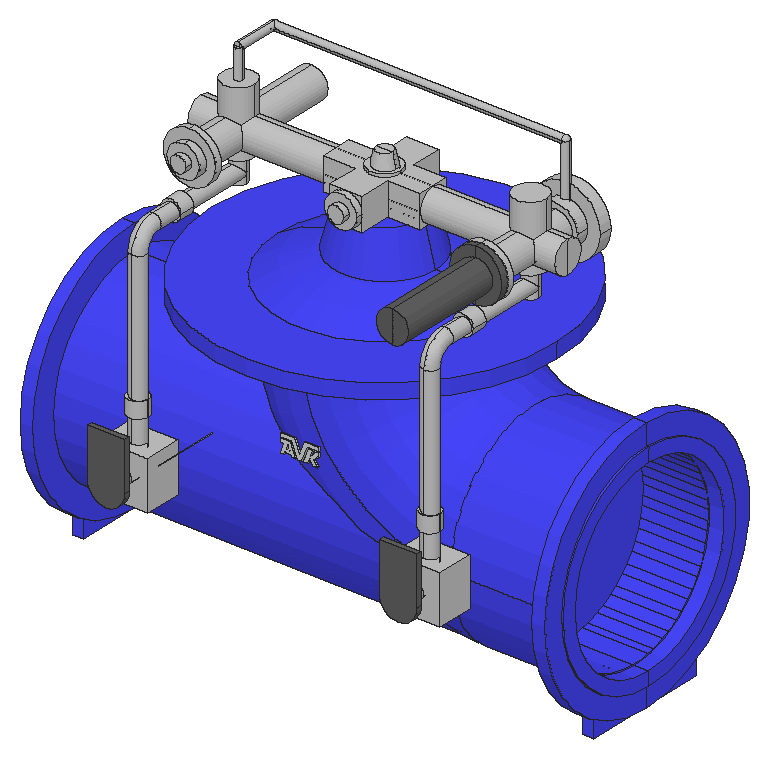
Revit family "859-001X-001 DN65-300", category Pipe Accessories, Revit 2022
Family settings
  Round Connector Dimension = Use Diameter
  Part Type = Valve - Breaks Into
  Work Plane-Based = No
  Always vertical = Yes
  Cut with Voids When Loaded = No
  Shared = No
Parameters (values of type "DN300_PN16_Pilot range ( 5 - 11)")
  sweep_box2 = Bolt_Dia / 2  # 16.25 mm
  sweep_box1 = Centre_D * 0.65  # 39 mm
  sweep_H1 = Bonnet_dim1_H * 1.4  # 65.765 mm
  sweep_H = (H3 - D) * 0.65  # 339.95 mm
  sweep_D = size_lookup(Search_table, "sweep_D", 0 mm, DN)  # 25 mm
  sweep_2 = sweep1 / 2  # 6.25 mm
  sweep1 = sweep_D * 0.5  # 12.5 mm
  sweep/2 = sweep1 / 2  # 6.25 mm
  sweep = sweep_D * 1.2  # 30 mm
  nut_dim = Bonnet_D1 * 0.5  # 123 mm
  Wd2 = size_lookup(Search_table, "Wd2", 0 mm, DN)  # 277 mm
  Wd1 = size_lookup(Search_table, "Wd1", 0 mm, DN)  # 265.92 mm
  Sweep_R = sweep1 * 1.5  # 18.75 mm
  L3 = Bonnet_R * 1.1  # 284.13 mm
  dim1 = W1 * 0.4  # 110.8 mm
  centre = Bore1 * 1.3  # 234.546 mm
  W22 = W2 * 0.8  # 221.6 mm
  W2 = size_lookup(Search_table, "W2", 0 mm, DN)  # 277 mm
  W11 = (W1 - sweep_D) * 0.8  # 201.6 mm
  W1 = size_lookup(Search_table, "W1", 0 mm, DN)  # 277 mm
  W = W1 - (sweep_D / 2)  # 264.5 mm
  URL_product_pages = "https://www.avkvalves.com/P.aspx?no=8590065001140010"
  Thickness1 = Thickness * 1.2  # 17.64 mm
  Thickness = FL_T * 0.6  # 14.7 mm
  Raised_dis = size_lookup(Search_table, "Raised_dis", 0 mm, DN)  # 4 mm
  Raised_R = (D - Bore) * 0.4  # 21.86 mm
  Nut_T = FL_T * 0.8  # 19.6 mm
  Nut_Dim2 = Control_dim1 * 0.4  # 10.332 mm
  Nut_Dim1 = Bolt_Dia * 1.3  # 42.25 mm
  L = size_lookup(Search_table, "L", 0 mm, DN)  # 850 mm
  H4 = H33 * 2  # 89.433 mm
  H33 = (H3 - (D + Bonnet_dim1_H1)) * 0.3  # 44.716 mm
  H3 = size_lookup(Search_table, "H3", 0 mm, DN)  # 728 mm
  FL_T = size_lookup(Search_table, "FL_T", 0 mm, DN)  # 24.5 mm
  DN80_PN10/16_Pilot range ( 5 - 11) = "859-0080-00-1140011"
  DN80_PN10/16_Pilot range ( 10 - 16) = "859-0080-00-1140012"
  DN80_PN10/16_Pilot range ( 1,5 - 6) = "859-0080-00-1140010"
  DN80_PN10/16_Pilot range ( 0,3 - 1,5) = "859-0080-00-1140018"
  DN65_PN10/16_Pilot range ( 10 - 16) = "859-0065-00-1140012"
  DN65_PN10/16_Pilot range ( 1,5 - 6) = "859-0065-00-1140010"
  DN65_PN10/16_Pilot range ( 0,3 - 1,5) = "859-0065-00-1140018"
  DN300_PN16_Pilot range ( 5 - 11) = "859-0300-00-1140011"
  DN300_PN16_Pilot range ( 10 - 16) = "859-0300-00-1140012"
  DN300_PN16_Pilot range ( 1,5 - 6) = "859-0300-00-1140010"
  DN300_PN16_Pilot range ( 0,3 - 1,5) = "859-0300-00-1140018"
  DN300_PN10_Pilot range ( 5 - 10) = "859-0300-00-0140011"
  DN300_PN10_Pilot range ( 1,5 - 6) = "859-0300-00-0140010"
  DN300_PN10_Pilot range ( 0,3 - 1,5) = "859-0300-00-0140018"
  DN250_PN16_Pilot range ( 5 - 11) = "859-0250-00-1140011"
  DN250_PN16_Pilot range ( 10 - 16) = "859-0250-00-1140012"
  DN250_PN16_Pilot range ( 1,5 - 6) = "859-0250-00-1140010"
  DN250_PN16_Pilot range ( 0,3 - 1,5) = "859-0250-00-1140018"
  DN250_PN10_Pilot range ( 5 - 10) = "859-0250-00-0140011"
  DN250_PN10_Pilot range ( 1,5 - 6) = "859-0250-00-0140010"
  DN250_PN10_Pilot range ( 0,3 - 1,5) = "859-0250-00-0140018"
  DN200_PN16_Pilot range ( 5 - 11) = "859-0200-00-1140011"
  DN200_PN16_Pilot range ( 10 - 16) = "859-0200-00-1140012"
  DN200_PN16_Pilot range ( 1,5 - 6) = "859-0200-00-1140010"
  DN200_PN16_Pilot range ( 0,3 - 1,5) = "859-0200-00-1140018"
  DN200_PN10_Pilot range ( 5 - 10) = "859-0200-00-0140011"
  DN200_PN10_Pilot range ( 1,5 - 6) = "859-0200-00-0140010"
  DN200_PN10_Pilot range ( 0,3 - 1,5) = "859-0200-00-0140018"
  DN150_PN10/16_Pilot range ( 5 - 11) = "859-0150-00-1140011"
  DN150_PN10/16_Pilot range ( 10 - 16) = "859-0150-00-1140012"
  DN150_PN10/16_Pilot range ( 1,5 - 6) = "859-0150-00-1140010"
  DN150_PN10/16_Pilot range ( 0,3 - 1,5) = "859-0150-00-1140018"
  DN125_PN10/16_Pilot range ( 5 - 11) = "859-0125-00-1140011"
  DN125_PN10/16_Pilot range ( 10 - 16) = "859-0125-00-1140012"
  DN125_PN10/16_Pilot range ( 1,5 - 6) = "859-0125-00-1140010"
  DN125_PN10/16_Pilot range ( 0,3 - 1,5) = "859-0125-00-1140018"
  DN100_PN10/16_Pilot range ( 5 - 11) = "859-0100-00-1140011"
  DN100_PN10/16_Pilot range ( 10 - 16) = "859-0100-00-1140012"
  DN100_PN10/16_Pilot range ( 1,5 - 6) = "859-0100-00-1140010"
  DN100_PN10/16_Pilot range ( 0,3 - 1,5) = "859-0100-00-1140018"
  D = size_lookup(Search_table, "D", 0 mm, DN) / 2  # 205 mm
  Search_table = "859-001X-001 DN65-300"
  Description_ = "AVK CONTROL VALVE, PRESSURE SUSTAINING/RELIEF, PN10/16"
  Default Elevation = 0 mm
  DN65_PN10/16_Pilot range ( 5 - 11) = "859-0065-00-1140011"
  DN = 300.7 mm
  Control_dim7 = Control_dim6 * 1.35  # 56.49 mm
  Control_dim6 = Control_dim5 * 1.2  # 41.845 mm
  Control_dim5 = Control_dim1 * 1.35  # 34.871 mm
  Control_dim4 = Bonnet_D1 * 0.9  # 221.4 mm
  Control_dim3 = Control_dim1 * 0.5  # 12.915 mm
  Control_dim2 = Bonnet_dim3 * 1.2  # 77.49 mm
  Control_dim1 = Bonnet_dim3 * 0.4  # 25.83 mm
  Conrol_dim. = Bonnet_dim1 * 0.85  # 146.37 mm
  Centre_nut = Centre_D * 0.75  # 45 mm
  Centre_D1 = Centre_D * 0.8  # 48 mm
  Centre_D = size_lookup(Search_table, "Centre_D", 0 mm, DN)  # 60 mm
  Bore2 = Bore * 1.6  # 240.56 mm
  Bore1 = Bore * 1.2  # 180.42 mm
  Bore = DN / 2  # 150.35 mm
  Bonnet_dim3 = Bonnet_dim2 * 0.75  # 64.575 mm
  Bonnet_dim2 = Bonnet_dim1 / 2  # 86.1 mm
  Bonnet_dim1_H1 = sweep_H * 1.1  # 373.945 mm
  Bonnet_dim1_H = (sweep_H - Body_H) / 2  # 46.975 mm
  Bonnet_dim1 = Bonnet_D1 * 0.7  # 172.2 mm
  Bonnet_dia = size_lookup(Search_table, "Bonnet_dia", 0 mm, DN) / 2  # 277 mm
  Bonnet_R = Bonnet_dim1 * 1.5  # 258.3 mm
  Bonnet_D1 = D * 1.2  # 246 mm
  Bonnet_D = D * 0.6  # 123 mm
  Bolt_Dia = sweep_D * 1.3  # 32.5 mm
  Body_Rib_L = D * 0.5  # 102.5 mm
  Body_H = D * 1.2  # 246 mm
  Actuator_d = Control_dim7 * 1.2  # 67.788 mm
  Actuator_L1 = Actuator_L * 0.9  # 112.185 mm
  Actuator_L = W2 * 0.45  # 124.65 mm
  Actuator = 0 mm  # constant formula
  8 = 8 mm  # constant formula
  53 = 40 mm / 2  # 20 mm
  50 = 50 mm  # constant formula
  48 = 30 mm / 2  # 15 mm
  3 = 3 mm  # constant formula
  18 = 11 mm  # constant formula
  131 = 131 mm  # constant formula
  10 = 10 mm  # constant formula
  0 = 0 mm  # constant formula
Reference planes
  plane 1 "Center (Front/Back)": y = 0
  plane 2: z = 0
  plane 3 "Center (Left/Right)": x = 0
  plane 4: x = -425
  plane 5: x = 425
  plane 6: z = 150.35
  plane 7: z = -150.35
  plane 8: z = 246
  plane 9: z = 523
  plane 10: z = -205
  plane 11: y = -265.92
  plane 12: y = -204.92
  plane 13: y = -180.42
  plane 14: y = -214.92
  plane 15: z = 292.975
  plane 16: z = 373.945
  plane 17: z = -153.35
  plane 18: x = 421
  plane 19: x = -421
  plane 20: x = -294.546
  plane 21: x = -234.546
  plane 22: x = 234.546
  plane 23: y = -231.6
  plane 24: y = -201.6
  plane 25: y = -172.2
  plane 26: z = 39
  plane 27: z = 478.284
  plane 28: z = 399.775
  plane 29: y = -77.49
  plane 30: y = -34.713
  plane 31: y = -87.822
  plane 32: z = 425.605
  plane 33: x = -150.35
  plane 34: z = 339.95
  plane 35: z = 356.2
  plane 36: z = 451.435
  plane 37: z = 78
  plane 38: y = -110.8
  plane 39: y = 221.6
  plane 40: y = -25.83
  plane 41: y = 50.33
  plane 42: y = 25.83
  plane 43: y = 69.93
  plane 44: y = 89.53
  plane 45: x = 284.13
  plane 46: x = 319
  plane 47: x = 294.546
  plane 48: z = 516.75
  plane 49: through (0, 0, 1200) normal (-0.766, -0.6428, 0)
  plane 50: y = 94.8
  plane 51: z = 433.567
  plane 52: x = 342.546
  plane 53: y = 146.37
  plane 54: y = -277
  plane 55: y = 277
Forms (mm)
  Revolve 1, solid, material "Laminate, Blue, Matte"
    sketch origin (0, 0, 0) x (1, 0, 0) y (0, 0, 1)
      loop
        line (-425, 150.35) -> (425, 150.35) -> (425, 172.21) -> (421, 172.21) -> (421, 205) -> (400.5, 205) -> (400.5, 165.05) -> (-400.5, 165.05) -> (-400.5, 205) -> (-421, 205) -> (-421, 172.21) -> (-425, 172.21) -> (-425, 150.35)
      axis (-425, 0) -> (425, 0)
    angle from 0 to 360
  Extrusion 2, solid, material "Laminate, Blue, Matte"
    sketch origin (-387.236, -1524, 246) x (-1, 0, 0) y (0, -1, 0)
      loop
        circle (-387.236, -1524) r 277
    from 0 to 24.5
  Extrusion 3, solid, material "Laminate, Blue, Matte"
    sketch origin (0, 0, 0) x (0, 1, 0) y (0, 0, 1)
      loop
        circle (0, 0) r 150.35
    from -294.546 to 294.546
  Extrusion 4, solid, material "Default Wall"
    sketch origin (0, -204.92, 1382.259) x (0, 0, 1) y (-1, 0, 0)
      loop
        circle (-1382.259, 234.546) r 30
      loop
        circle (-1382.259, -234.546) r 30
    from 0 to -204.92
  Extrusion 5, solid, material "Default Wall"
    sketch origin (0, -204.92, 1382.259) x (0, 0, 1) y (-1, 0, 0)
      loop
        circle (-1382.259, 234.546) r 16.25
      loop
        circle (-1382.259, -234.546) r 16.25
    from 0 to -3.32
  Sweep 6, solid, material "Default Wall"
    path origin (0, 0, 0) x (0, 1, 0) y (0, 0, 1)
      loop
        line (0, 0) -> (-171.6, 0)
        arc (-171.6, 0) -> (-192.813, 8.787) -> (-201.6, 30) r 30
        line (-201.6, 30) -> (-201.6, 309.95)
        arc (-201.6, 309.95) -> (-192.813, 331.163) -> (-171.6, 339.95) r 30
        line (-171.6, 339.95) -> (0, 339.95)
    profile origin (0, 0, 0) x (0, 0, -1) y (1, 0, 0)
      loop
        circle (0, -234.546) r 12.5
      loop
        circle (0, 234.546) r 12.5
  Revolve 7, solid, material "Laminate, Blue, Matte"
    sketch origin (0, 0, 0) x (1, 0, 0) y (0, 0, 1)
      loop
        line (0, 270.5) -> (172.2, 270.5)
        arc (172.2, 270.5) -> (89.747, 306.35) -> (0, 311.765) r 258.3
        line (0, 311.765) -> (0, 270.5)
      axis (0, 311.765) -> (0, 270.5)
    angle from 0 to 360
  Revolve 8, solid, material "Laminate, Blue, Matte"
    sketch origin (0, 0, 0) x (1, 0, 0) y (0, 0, 1)
      loop
        line (0, 292.975) -> (86.1, 292.975) -> (64.575, 373.945) -> (0, 373.945) -> (0, 292.975)
      axis (0, 292.975) -> (0, 373.945)
    angle from 0 to 360
  Extrusion 9, solid, material "Laminate, Blue, Matte"
    sketch origin (0, 0, 0) x (0, 1, 0) y (0, 0, 1)
      loop
        line (102.5, -153.35) -> (-102.5, -153.35) -> (-102.5, -205) -> (102.5, -205) -> (102.5, -153.35)
    from 400.5 to 418
  Extrusion 10, solid, material "Laminate, Blue, Matte"
    sketch origin (0, 0, 0) x (0, 1, 0) y (0, 0, 1)
      loop
        line (102.5, -153.35) -> (-102.5, -153.35) -> (-102.5, -205) -> (102.5, -205) -> (102.5, -153.35)
    from -400.5 to -418
  Extrusion 11, solid, material "Default Wall"
    sketch origin (0, 0, 0) x (1, 0, 0) y (0, 0, 1)
      loop
        line (-273.546, 39) -> (-273.546, -39) -> (-195.546, -39) -> (-195.546, 39) -> (-273.546, 39)
      loop
        line (195.546, 39) -> (195.546, -39) -> (273.546, -39) -> (273.546, 39) -> (195.546, 39)
    from 171.6 to 231.6
  Extrusion 12, solid, material "Default Wall"
    sketch origin (0, 0, 0) x (1, 0, 0) y (0, 0, 1)
      loop
        circle (-234.546, 0) r 12.5
      loop
        circle (234.546, 0) r 12.5
    from 0 to 257.92
  Extrusion 13, solid, material "Default Roof"
    sketch origin (0, 0, 0) x (1, 0, 0) y (0, 0, 1)
      loop
        arc (-264.546, 0) -> (-255.759, -21.213) -> (-234.546, -30) r 30
        arc (-234.546, -30) -> (-213.333, -21.213) -> (-204.546, 0) r 30
        line (-204.546, 0) -> (-204.546, 78) -> (-264.546, 78) -> (-264.546, 0)
      loop
        arc (204.546, 0) -> (213.333, -21.213) -> (234.546, -30) r 30
        arc (234.546, -30) -> (255.759, -21.213) -> (264.546, 0) r 30
        line (264.546, 0) -> (264.546, 78) -> (204.546, 78) -> (204.546, 0)
    from 265.92 to 257.92
  Extrusion 14, solid, material "Default Wall"
    sketch origin (-741.585, -1524, 373.945) x (-1, 0, 0) y (0, -1, 0)
      loop
        line (-767.415, -1549.83) -> (-767.415, -1601.49) -> (-715.755, -1601.49) -> (-715.755, -1549.83) -> (-664.095, -1549.83) -> (-664.095, -1498.17) -> (-715.755, -1498.17) -> (-715.755, -1446.51) -> (-767.415, -1446.51) -> (-767.415, -1498.17) -> (-819.075, -1498.17) -> (-819.075, -1549.83) -> (-767.415, -1549.83)
    from 0 to 51.66
  Revolve 15, solid, material "Default Wall"
    sketch origin (0, 0, 0) x (1, 0, 0) y (0, 0, 1)
      loop
        line (0, 399.775) -> (25.83, 399.775) -> (12.915, 451.435) -> (0, 451.435) -> (0, 399.775)
      axis (0, 451.435) -> (0, 399.775)
    angle from 0 to 360
  Extrusion 16, solid, material "Default Wall"
    sketch origin (0, 0, 0) x (1, 0, 0) y (0, 0, 1)
      loop
        circle (0, 399.775) r 25.83
    from 77.49 to 87.822
  Extrusion 17, solid, material "Default Wall"
    sketch origin (0, 0, 0) x (1, 0, 0) y (0, 0, 1)
      loop
        circle (0, 399.775) r 12.915
    from 87.822 to 98.154
  Extrusion 18, solid, material "Default Wall"
    sketch origin (-741.585, -1524, 373.945) x (-1, 0, 0) y (0, -1, 0)
      loop
        circle (-741.585, -1524) r 25.83
    from 51.66 to 55.66
  Sweep 19, solid, material "Laminate, Blue, Matte"
    path origin (0, 0, 0) x (1, 0, 0) y (0, 0, 1)
      loop
        line (0, 246) -> (0, 240.56)
        arc (0, 240.56) -> (70.458, 70.458) -> (240.56, 0) r 240.56
        line (240.56, 0) -> (400.5, 0)
    profile origin (0, 0, 246) x (0, -1, 0) y (1, 0, 0)
      loop
        circle (0, 0) r 150.35
      loop
        circle (0, 0) r 167.99
  Extrusion 20, solid, material "Default Wall"
    sketch origin (-741.585, -1524, 373.945) x (-1, 0, 0) y (0, -1, 0)
      loop
        circle (-507.039, -1524) r 25.83
      loop
        circle (-976.131, -1524) r 25.83
    from -7.745 to 97.09
  Extrusion 21, solid, material "Default Wall"
    sketch origin (-741.585, -1524, 373.945) x (-1, 0, 0) y (0, -1, 0)
      loop
        circle (-507.039, -1524) r 12.5
      loop
        circle (-976.131, -1524) r 12.5
    from 25.83 to -50.245
  Extrusion 22, solid, material "Default Wall"
    sketch origin (0, 0, 0) x (1, 0, 0) y (0, 0, 1)
      loop
        circle (-234.546, 339.95) r 16.25
      loop
        circle (234.546, 339.95) r 16.25
    from 110.8 to 135.3
  Extrusion 23, solid, material "Default Wall"
    sketch origin (-741.585, -1524, 373.945) x (-1, 0, 0) y (0, -1, 0)
      loop
        circle (-507.039, -1322.4) r 16.25
      loop
        circle (-976.131, -1322.4) r 16.25
    from -295.945 to -271.445
  Extrusion 24, solid, material "Default Wall"
    sketch origin (0, 0, 0) x (1, 0, 0) y (0, 0, 1)
      loop
        circle (-234.546, 399.775) r 12.5
      loop
        circle (234.546, 399.775) r 12.5
    from 110.8 to 121.132
  Extrusion 25, solid, material "Default Wall"
    sketch origin (0, 0, 13.394) x (1, 0, 0) y (0, 0, 1)
      loop
        circle (234.546, 386.381) r 34.871
    from -69.93 to -50.33
  Extrusion 26, solid, material "Default Wall"
    sketch origin (0, 0, 0) x (1, 0, 0) y (0, 0, 1)
      loop
        circle (234.546, 399.775) r 56.49
    from -89.53 to -69.93
  Revolve 27, solid, material "Default Wall"
    sketch origin (0, 0, 0) x (1, 0, 0) y (0, 0, 1)
      loop
        line (-294.546, 425.605) -> (-294.546, 399.775) -> (294.546, 399.775) -> (294.546, 425.605) -> (-294.546, 425.605)
      axis (-294.546, 399.775) -> (294.546, 399.775)
    angle from 0 to 360
  Extrusion 28, solid, material "Default Wall"
    sketch origin (-435.053, -1318.355, 516.75) x (-1, 0, 0) y (0, -1, 0)
      loop
        circle (-669.599, -1388.285) r 6.25
    from -116.975 to 0
  Extrusion 29, solid, material "Default Wall"
    sketch origin (4267.2, 69.93, 742.449) x (0, 0, 1) y (1, 0, 0)
      loop
        circle (-342.674, -4501.746) r 25.83
    from -69.93 to 76.44
  Extrusion 30, solid, material "Default Wall"
    sketch origin (4267.2, 69.93, 742.449) x (0, 0, 1) y (1, 0, 0)
      loop
        circle (-342.674, -4501.746) r 25.83
    from -157.752 to -69.93
  Extrusion 31, solid, material "Default Wall"
    sketch origin (4267.2, 69.93, 742.449) x (0, 0, 1) y (1, 0, 0)
      loop
        circle (-342.674, -4501.746) r 41.845
      loop
        circle (-342.674, -4032.654) r 41.845
    from -168.084 to -157.752
  Extrusion 32, solid, material "Default Wall"
    sketch origin (4267.2, 69.93, 742.449) x (0, 0, 1) y (1, 0, 0)
      loop
        circle (-342.674, -4501.746) r 25.83
    from -180.73 to -157.752
  Extrusion 33, solid, material "Default Wall"
    sketch origin (4267.2, 69.93, 742.449) x (0, 0, 1) y (1, 0, 0)
      loop
        circle (-342.674, -4032.654) r 25.83
    from -157.752 to -69.93
  Extrusion 34, solid, material "Default Wall"
    sketch origin (4267.2, 69.93, 742.449) x (0, 0, 1) y (1, 0, 0)
      loop
        circle (-342.674, -4032.654) r 25.83
    from -69.93 to -19.6
  Revolve 35, solid, material "Default Roof"
    sketch origin (234.546, -1524, 720.321) x (0, 0, 1) y (0, -1, 0)
      loop
        line (-294.716, -1247) -> (-320.546, -1247) -> (-320.546, -1425.846) -> (-278.701, -1425.846) -> (-278.701, -1414.846) -> (-294.716, -1414.846) -> (-294.716, -1247)
      axis (-320.546, -1247) -> (-320.546, -1425.846)
    angle from 0 to 360
  Revolve 36, solid, material "Default Wall"
    sketch origin (-470.377, -1524, 516.75) x (-1, 0, 0) y (0, -1, 0)
      loop
        line (-235.831, -1593.93) -> (-235.831, -1587.68) -> (-704.109, -1587.68)
        arc (-704.109, -1587.68) -> (-708.825, -1589.467) -> (-711.173, -1593.93) r 7.117
        line (-711.173, -1593.93) -> (-235.831, -1593.93)
      axis (-235.831, -1593.93) -> (-711.173, -1593.93)
    angle from 0 to 360
  Extrusion 37, solid, material "Default Wall"
    sketch origin (-470.377, -1524, 516.75) x (-1, 0, 0) y (0, -1, 0)
      loop
        circle (-235.831, -1524) r 6.25
    from -116.975 to 0
  Revolve 38, solid, material "Default Wall"
    sketch origin (-234.546, -1524, 720.321) x (0, 0, 1) y (0, -1, 0)
      loop
        line (-197.321, -1524) -> (-203.571, -1524) -> (-203.571, -1593.93) -> (-197.321, -1593.93) -> (-197.321, -1524)
      axis (-203.571, -1524) -> (-203.571, -1593.93)
    angle from 0 to 360
Dimensions and locks
  equal spacing: plane 5, plane 3 "Center (Left/Right)", plane 4
  "L": plane 5 to plane 4
  equal spacing: plane 6, level, plane 7
  "Bore": plane 6 to level
  equal spacing: Revolve 1 sketch curve, plane 3 "Center (Left/Right)", Revolve 1 sketch curve  (x2)
  "FL_T": Revolve 1 sketch curve to plane 4
  "Raised_dis": Revolve 1 sketch curve to plane 4
  "Thickness": Revolve 1 sketch curve to plane 6
  "D": Revolve 1 sketch curve to level
  "Body_H": plane 8 to level
  equal spacing: Extrusion 2 sketch curve, plane 3 "Center (Left/Right)", Extrusion 2 sketch curve
  equal spacing: Extrusion 2 sketch curve, plane 1 "Center (Front/Back)", Extrusion 2 sketch curve
  "FL_T": Extrusion 2 to plane 8
  "D": level to plane 10
  "H3": plane 9 to plane 10
  equal spacing: Extrusion 3 sketch curve, plane 1 "Center (Front/Back)", Extrusion 3 sketch curve
  equal spacing: Extrusion 3 sketch curve, level, Extrusion 3 sketch curve
  equal spacing: Extrusion 3, plane 3 "Center (Left/Right)", Extrusion 3
  equal spacing: Extrusion 4 sketch curve, plane 3 "Center (Left/Right)", Extrusion 4 sketch curve
  "centre": plane 3 "Center (Left/Right)" to Extrusion 4 sketch curve
  "Wd1": plane 1 "Center (Front/Back)" to plane 11
  "FL_T": plane 13 to plane 12
  "Bore1": plane 1 "Center (Front/Back)" to plane 13
  equal spacing: Extrusion 5 sketch curve, plane 3 "Center (Left/Right)", Extrusion 5 sketch curve
  equal spacing: Extrusion 5 sketch curve, level, Extrusion 5 sketch curve  (x2)
  "centre": Extrusion 5 sketch curve to plane 3 "Center (Left/Right)"
  plane 14 to plane 1 "Center (Front/Back)" = 214.92 mm
  "10": plane 14 to plane 12
  "sweep_H": Sweep 6 sketch curve to level
  "W11": Sweep 6 sketch curve to plane 1 "Center (Front/Back)"
  equal spacing: Sweep 6 sketch curve, level, Sweep 6 sketch curve  (x2)
  "centre": plane 3 "Center (Left/Right)" to Sweep 6 sketch curve
  equal spacing: Sweep 6 sketch curve, plane 3 "Center (Left/Right)", Sweep 6 sketch curve
  "FL_T": Revolve 7 sketch curve to plane 8
  "Bonnet_dim1": Revolve 7 sketch curve to plane 3 "Center (Left/Right)"
  "Bonnet_dim1_H1": plane 16 to level
  "Bonnet_dim3": Revolve 8 sketch curve to plane 3 "Center (Left/Right)"
  "Bonnet_dim2": Revolve 8 sketch curve to plane 3 "Center (Left/Right)"
  "Bonnet_dim1_H": plane 15 to plane 8
  "sweep_H1": Revolve 7 sketch curve to plane 8
  equal spacing: Extrusion 9 sketch curve, plane 1 "Center (Front/Back)", Extrusion 9 sketch curve
  "Body_Rib_L": Extrusion 9 sketch curve to plane 1 "Center (Front/Back)"
  "3": plane 7 to plane 17
  "FL_T": plane 5 to Extrusion 9
  "Raised_dis": plane 18 to plane 5
  equal spacing: Extrusion 10 sketch curve, plane 1 "Center (Front/Back)", Extrusion 10 sketch curve
  "Body_Rib_L": Extrusion 10 sketch curve to plane 1 "Center (Front/Back)"
  "3": plane 7 to Extrusion 10 sketch curve
  "FL_T": Extrusion 10 to plane 4
  "Raised_dis": plane 19 to plane 4
  "3": plane 19 to Extrusion 10
  equal spacing: Extrusion 9, plane 3 "Center (Left/Right)", Extrusion 10
  equal spacing: plane 22, plane 3 "Center (Left/Right)", plane 21
  "centre": plane 3 "Center (Left/Right)" to plane 21
  "Centre_D": plane 21 to plane 20
  equal spacing: Extrusion 11 sketch curve, level, Extrusion 11 sketch curve
  equal spacing: Extrusion 11 sketch curve, plane 21, Extrusion 11 sketch curve
  equal spacing: Extrusion 11 sketch curve, plane 3 "Center (Left/Right)", Extrusion 11 sketch curve  (x2)
  "sweep_box1": plane 21 to Extrusion 11 sketch curve
  "sweep_box1": Extrusion 11 sketch curve to level
  equal spacing: plane 23, plane 24, Extrusion 11
  "sweep": plane 23 to plane 24
  "W11": plane 24 to plane 1 "Center (Front/Back)"
  "Bonnet_dim1": plane 25 to plane 1 "Center (Front/Back)"
  "sweep_box1": plane 26 to level
  "sweep_box1": Extrusion 13 to plane 26
  "8": plane 11 to Extrusion 13
  "H33": plane 9 to plane 27
  equal spacing: Extrusion 14 sketch curve, plane 3 "Center (Left/Right)", Extrusion 14 sketch curve  (x2)
  equal spacing: Extrusion 14 sketch curve, plane 1 "Center (Front/Back)", Extrusion 14 sketch curve  (x2)
  "Control_dim2": Extrusion 14 sketch curve to plane 3 "Center (Left/Right)"
  "Control_dim2": plane 1 "Center (Front/Back)" to Extrusion 14 sketch curve
  "Control_dim1": plane 3 "Center (Left/Right)" to Extrusion 14 sketch curve
  "Control_dim1": plane 1 "Center (Front/Back)" to Extrusion 14 sketch curve
  "Control_dim3": Revolve 15 sketch curve to plane 3 "Center (Left/Right)"
  "Control_dim1": Revolve 15 sketch curve to Extrusion 14
  "Raised_R": Revolve 1 sketch curve to plane 6
  "Control_dim1": plane 28 to plane 16
  "Control_dim1": Extrusion 14 to plane 28
  "Control_dim1": Revolve 15 sketch curve to plane 3 "Center (Left/Right)"
  equal spacing: Extrusion 16 sketch curve, plane 3 "Center (Left/Right)", Extrusion 16 sketch curve
  equal spacing: Extrusion 16 sketch curve, plane 28, Extrusion 16 sketch curve
  "Control_dim2": plane 29 to plane 1 "Center (Front/Back)"
  "Nut_Dim2": Extrusion 16 to plane 29
  equal spacing: Extrusion 17 sketch curve, plane 3 "Center (Left/Right)", Extrusion 17 sketch curve
  equal spacing: Extrusion 17 sketch curve, plane 28, Extrusion 17 sketch curve
  "Nut_Dim2": plane 31 to plane 29
  "Nut_Dim2": Extrusion 17 to plane 31
  equal spacing: Extrusion 18 sketch curve, plane 3 "Center (Left/Right)", Extrusion 18 sketch curve
  equal spacing: Extrusion 18 sketch curve, Extrusion 4, Extrusion 18 sketch curve
  "Control_dim1": plane 32 to plane 28
  "Raised_dis": Extrusion 18 to plane 32
  "FL_T": plane 5 to Sweep 19 sketch curve
  equal spacing: Sweep 19 sketch curve, plane 3 "Center (Left/Right)", Sweep 19 sketch curve  (x2)
  equal spacing: Sweep 19 sketch curve, plane 1 "Center (Front/Back)", Sweep 19 sketch curve  (x2)
  "Bore": plane 33 to plane 3 "Center (Left/Right)"
  "Thickness1": Sweep 19 sketch curve to plane 33
  equal spacing: Extrusion 20 sketch curve, plane 1 "Center (Front/Back)", Extrusion 20 sketch curve  (x2)
  equal spacing: Extrusion 20 sketch curve, plane 3 "Center (Left/Right)", Extrusion 20 sketch curve
  equal spacing: Extrusion 20 sketch curve, plane 21, Extrusion 20 sketch curve
  "sweep_H": plane 34 to level
  "sweep_box2": plane 35 to plane 34
  "10": Extrusion 20 to plane 35
  "Control_dim1": plane 36 to plane 32
  equal spacing: Extrusion 21 sketch curve, plane 1 "Center (Front/Back)", Extrusion 21 sketch curve  (x2)
  equal spacing: Extrusion 21 sketch curve, plane 3 "Center (Left/Right)", Extrusion 21 sketch curve
  "centre": Extrusion 21 sketch curve to plane 3 "Center (Left/Right)"
  "sweep_box2": plane 34 to Extrusion 21
  equal spacing: Extrusion 22 sketch curve, plane 3 "Center (Left/Right)", Extrusion 22 sketch curve
  equal spacing: Extrusion 22 sketch curve, plane 21, Extrusion 22 sketch curve
  "sweep_H": Extrusion 22 sketch curve to level  (x2)
  equal spacing: Extrusion 23 sketch curve, plane 3 "Center (Left/Right)", Extrusion 23 sketch curve
  "W11": Extrusion 23 sketch curve to plane 1 "Center (Front/Back)"  (x2)
  equal spacing: Extrusion 23 sketch curve, plane 21, Extrusion 23 sketch curve
  "sweep_box1": plane 37 to plane 26
  "FL_T": Extrusion 23 to plane 37
  "dim1": plane 38 to plane 1 "Center (Front/Back)"
  "FL_T": Extrusion 22 to plane 38
  "W22": plane 1 "Center (Front/Back)" to plane 39
  "Control_dim1": plane 40 to plane 1 "Center (Front/Back)"
  equal spacing: Extrusion 24 sketch curve, plane 21, Extrusion 24 sketch curve
  equal spacing: Extrusion 24 sketch curve, plane 28, Extrusion 24 sketch curve  (x2)
  equal spacing: Extrusion 24 sketch curve, plane 3 "Center (Left/Right)", Extrusion 24 sketch curve
  "Nut_Dim2": Extrusion 24 to plane 38
  equal spacing: Extrusion 25 sketch curve, plane 22, Extrusion 25 sketch curve
  equal spacing: Extrusion 25 sketch curve, plane 28, Extrusion 25 sketch curve
  "Control_dim1": plane 1 "Center (Front/Back)" to plane 42
  "Nut_T": plane 41 to plane 43
  "FL_T": plane 42 to plane 41
  "Nut_T": plane 43 to plane 44
  equal spacing: Extrusion 26 sketch curve, plane 22, Extrusion 26 sketch curve
  equal spacing: Extrusion 26 sketch curve, plane 28, Extrusion 26 sketch curve
  "Nut_T": Extrusion 20 to plane 36
  "Nut_T": plane 43 to Extrusion 26
  "Control_dim1": Revolve 27 sketch curve to plane 28
  "L3": plane 3 "Center (Left/Right)" to plane 45
  "Control_dim5": plane 45 to plane 46
  equal spacing: Revolve 27 sketch curve, plane 3 "Center (Left/Right)", Revolve 27 sketch curve
  "Centre_D": plane 22 to plane 47
  "sweep/2": plane 9 to plane 48
  "H4": plane 9 to plane 51
  "Centre_D1": plane 47 to plane 52
  plane 5 to plane 4 = 850 mm
  plane 11 to plane 1 "Center (Front/Back)" = 265.92 mm
  plane 9 to plane 10 = 728 mm
  equal spacing: Extrusion 29 sketch curve, plane 28, Extrusion 29 sketch curve
  equal spacing: Extrusion 29 sketch curve, plane 21, Extrusion 29 sketch curve
  equal spacing: Extrusion 30 sketch curve, plane 28, Extrusion 30 sketch curve
  equal spacing: Extrusion 30 sketch curve, plane 21, Extrusion 30 sketch curve
  equal spacing: Extrusion 31 sketch curve, plane 21, Extrusion 31 sketch curve
  equal spacing: Extrusion 31 sketch curve, plane 22, Extrusion 31 sketch curve
  equal spacing: Extrusion 31 sketch curve, plane 28, Extrusion 31 sketch curve  (x2)
  equal spacing: Extrusion 32 sketch curve, plane 21, Extrusion 32 sketch curve
  equal spacing: Extrusion 32 sketch curve, plane 28, Extrusion 32 sketch curve
  equal spacing: Extrusion 28 sketch curve, plane 43, Extrusion 28 sketch curve
  equal spacing: Extrusion 28 sketch curve, plane 22, Extrusion 28 sketch curve
  "W1": plane 54 to plane 1 "Center (Front/Back)"
  equal spacing: Extrusion 33 sketch curve, plane 22, Extrusion 33 sketch curve
  equal spacing: Extrusion 33 sketch curve, plane 28, Extrusion 33 sketch curve
  "Conrol_dim.": plane 1 "Center (Front/Back)" to plane 53
  equal spacing: Extrusion 34 sketch curve, plane 22, Extrusion 34 sketch curve
  equal spacing: Extrusion 34 sketch curve, plane 28, Extrusion 34 sketch curve
  "Control_dim1": Revolve 35 sketch curve to plane 28
  "Control_dim6": Revolve 35 sketch curve to plane 28
  "Nut_Dim2": Revolve 35 sketch curve to plane 31
  "18": Revolve 35 sketch curve to Revolve 35 sketch curve
  "sweep/2": plane 43 to Revolve 36 sketch curve
  "sweep/2": plane 22 to Revolve 36 sketch curve
  equal spacing: Extrusion 37 sketch curve, plane 21, Extrusion 37 sketch curve
  equal spacing: Extrusion 37 sketch curve, plane 1 "Center (Front/Back)", Extrusion 37 sketch curve
  "sweep/2": Revolve 38 sketch curve to plane 48
  "W2": plane 1 "Center (Front/Back)" to plane 55
  "Bonnet_dia": radius of Extrusion 2 sketch curve
  "Bore": radius of Extrusion 3 sketch curve
  "Centre_D": diameter of Extrusion 4 sketch curve  (x2)
  "Bolt_Dia": diameter of Extrusion 5 sketch curve  (x2)
  "sweep": radius of Sweep 6 sketch curve  (x2)
  "sweep_D": diameter of Sweep 6 sketch curve  (x2)
  "Bonnet_R": radius of Revolve 7 sketch curve
  "Control_dim1": radius of Extrusion 16 sketch curve
  "Control_dim3": radius of Extrusion 17 sketch curve
  "Control_dim1": radius of Extrusion 18 sketch curve
  "Bore2": radius of Sweep 19 sketch curve
  "Bore": radius of Sweep 19 sketch curve
  "Control_dim1": radius of Extrusion 20 sketch curve  (x2)
  "sweep_D": diameter of Extrusion 21 sketch curve  (x2)
  "Bolt_Dia": diameter of Extrusion 22 sketch curve  (x2)
  "Bolt_Dia": diameter of Extrusion 23 sketch curve  (x2)
  "sweep_D": diameter of Extrusion 24 sketch curve  (x2)
  "Control_dim5": radius of Extrusion 25 sketch curve
  "Control_dim7": radius of Extrusion 26 sketch curve
  "Control_dim1": radius of Extrusion 29 sketch curve
  "Control_dim1": radius of Extrusion 30 sketch curve
  "Control_dim6": radius of Extrusion 31 sketch curve  (x2)
  "Control_dim1": radius of Extrusion 32 sketch curve
  "sweep1": diameter of Extrusion 28 sketch curve
  "Control_dim1": radius of Extrusion 33 sketch curve
  "Control_dim1": radius of Extrusion 34 sketch curve
  "sweep/2": radius of Extrusion 37 sketch curve
  aligned and locked: level to plane 2
  aligned and locked: Revolve 1 sketch curve to Revolve 1 sketch curve  (x2)
  aligned and locked: Revolve 1 sketch curve to plane 6
  aligned and locked: plane 5 to Revolve 1 sketch curve
  aligned and locked: Revolve 1 sketch curve to level
  aligned and locked: Extrusion 2 to plane 8
  aligned and locked: plane 1 "Center (Front/Back)" to Extrusion 4
  aligned and locked: plane 12 to Extrusion 4
  aligned and locked: level to Sweep 6 sketch curve
  aligned and locked: plane 1 "Center (Front/Back)" to Sweep 6 sketch curve  (x2)
  aligned and locked: Revolve 7 sketch curve to plane 3 "Center (Left/Right)"
  aligned and locked: Revolve 8 sketch curve to plane 3 "Center (Left/Right)"  (x2)
  aligned and locked: Revolve 8 sketch curve to plane 15
  aligned and locked: plane 16 to Revolve 8 sketch curve
  aligned and locked: Extrusion 9 sketch curve to plane 10
  aligned and locked: plane 17 to Extrusion 9
  aligned and locked: plane 10 to Extrusion 10 sketch curve
  aligned and locked: plane 20 to Extrusion 3
  aligned and locked: Extrusion 11 sketch curve to Extrusion 11 sketch curve  (x2)
  aligned and locked: plane 23 to Extrusion 11
  aligned and locked: Extrusion 12 sketch curve to Sweep 6  (x3)
  aligned and locked: Extrusion 13 sketch curve to Extrusion 4  (x4)
  aligned and locked: Extrusion 13 to plane 11
  aligned and locked: Extrusion 13 to Extrusion 12
  aligned and locked: Extrusion 13 to Extrusion 13
  aligned and locked: Extrusion 5 to Extrusion 4
  aligned and locked: plane 24 to Extrusion 5
  aligned and locked: Extrusion 14 sketch curve to Extrusion 14 sketch curve  (x4)
  aligned and locked: plane 3 "Center (Left/Right)" to Revolve 15 sketch curve
  aligned and locked: Revolve 15 sketch curve to plane 3 "Center (Left/Right)"
  aligned and locked: plane 28 to Revolve 15 sketch curve
  aligned and locked: Extrusion 16 to Extrusion 14
  aligned and locked: Extrusion 17 to Extrusion 16
  aligned and locked: Extrusion 18 to Extrusion 14
  aligned and locked: Sweep 19 sketch curve to plane 3 "Center (Left/Right)"
  aligned and locked: Sweep 19 sketch curve to level
  aligned and locked: plane 8 to Sweep 19 sketch curve
  aligned and locked: plane 28 to Extrusion 21
  aligned and locked: Extrusion 23 to plane 37
  aligned and locked: Extrusion 22 to plane 38
  aligned and locked: Extrusion 24 to plane 38
  aligned and locked: plane 41 to Extrusion 25
  aligned and locked: plane 43 to Extrusion 25
  aligned and locked: Extrusion 26 to plane 43
  aligned and locked: plane 28 to Revolve 27 sketch curve
  aligned and locked: Revolve 27 sketch curve to plane 28
  aligned and locked: Revolve 27 sketch curve to plane 20
  aligned and locked: Extrusion 28 to plane 28
  aligned and locked: plane 48 to Extrusion 28
  aligned and locked: nested 1 to plane 37
  aligned and locked: plane 1 "Center (Front/Back)" to Extrusion 29
  aligned and locked: plane 53 to Extrusion 29
  aligned and locked: Extrusion 30 to plane 1 "Center (Front/Back)"
  aligned and locked: Extrusion 30 to Extrusion 16
  aligned and locked: Extrusion 31 to Extrusion 16
  aligned and locked: Extrusion 31 to Extrusion 17
  aligned and locked: Extrusion 32 to Extrusion 16
  aligned and locked: Extrusion 22 to Extrusion 32
  aligned and locked: Extrusion 16 to Extrusion 33
  aligned and locked: Extrusion 4 to Extrusion 33
  aligned and locked: Extrusion 34 to Extrusion 4
  aligned and locked: Extrusion 34 to Extrusion 25
  aligned and locked: plane 28 to Revolve 35 sketch curve
  aligned and locked: Revolve 35 sketch curve to plane 28
  aligned and locked: plane 54 to Revolve 35
  aligned and locked: Revolve 36 sketch curve to plane 43  (x2)
  aligned and locked: Revolve 36 sketch curve to plane 21
  aligned and locked: Extrusion 37 to plane 28
  aligned and locked: plane 48 to Extrusion 37
  aligned and locked: Revolve 38 sketch curve to plane 43
  aligned and locked: Revolve 38 sketch curve to plane 1 "Center (Front/Back)"
  aligned and locked: plane 48 to Revolve 38 sketch curve
  aligned and locked: Revolve 38 sketch curve to plane 48
Automatic sketch dimensions
  Extrusion 13 sketch curve to plane 6 = 72.35 mm  (x2)
  plane 22 to Extrusion 13 sketch curve = 0 mm
  Extrusion 13 sketch curve to plane 21 = 0 mm
  plane 18 to Revolve 1 sketch curve = 0 mm
  plane 20 to Revolve 1 sketch curve = 30.096 mm
  plane 18 to Revolve 1 sketch curve = 9 mm
  Extrusion 4 sketch curve to level = 0 mm  (x2)
  Revolve 7 sketch curve to plane 3 "Center (Left/Right)" = 0 mm
  Revolve 7 sketch curve to plane 9 = 0 mm
  Revolve 7 sketch curve to Revolve 7 sketch curve = 2.446 mm
  plane 34 to Revolve 8 sketch curve = 4.583 mm
  Revolve 8 sketch curve to plane 9 = 0.672 mm
  Extrusion 9 sketch curve to plane 17 = 0 mm
  Revolve 15 sketch curve to plane 36 = 0.075 mm
  plane 9 to Revolve 15 sketch curve = 77.17 mm
  Revolve 27 sketch curve to Revolve 27 sketch curve = 31.532 mm
  Revolve 27 sketch curve to plane 4 = 30.436 mm
  Revolve 35 sketch curve to plane 54 = 0 mm
  Revolve 35 sketch curve to plane 24 = 0.068 mm
  plane 54 to Revolve 35 sketch curve = 3.888 mm
  plane 22 to Revolve 36 sketch curve = 0.814 mm
  plane 21 to Revolve 36 sketch curve = 22.971 mm
  Revolve 36 sketch curve to plane 20 = 10 mm
  Revolve 38 sketch curve to plane 40 = 3.58 mm
  Revolve 38 sketch curve to plane 30 = 1.916 mm
Nested families
  nested 1: "logo medium-11" at (-0.195, -167.99, 86.594) x (1, -0.0012, 0) z (-0.0012, -1, 0), type "logo medium-11"
Connectors
  piping at (-425, 0, 0), diameter 300.7, driven by "DN"
    settings: on Revolve 1, index 1, connector inside diameter 609.6 mm, connector length 0 mm, flow factor 0, pipe flow 0.0 L/s, pressure drop 0.0 Pa, fitting loss kfactor 0, connector angle 0.00°, fixture units 0, engagement length 0 mm, angle of deflection 0.00°, flow configuration 0, flow direction 0, fitting loss method 0, system type 7, joint type 0, gender type 0, connector reference index -1, connector utility 0, adjustable connector no, is connector primary yes, connector description ""
  piping at (425, 0, 0), diameter 300.7, driven by "DN"
    settings: on Revolve 1, index 2, connector inside diameter 609.6 mm, connector length 0 mm, flow factor 0, pipe flow 0.0 L/s, pressure drop 0.0 Pa, fitting loss kfactor 0, connector angle 0.00°, fixture units 0, engagement length 0 mm, angle of deflection 0.00°, flow configuration 0, flow direction 0, fitting loss method 0, system type 7, joint type 0, gender type 0, connector reference index -1, connector utility 0, adjustable connector no, is connector primary no, connector description ""
Definition of nested family "logo medium-11"
  Parameters
    Default Elevation = 1219.2 mm
  Reference planes
    plane 1 "Center (Front/Back)": y = 0
    plane 2: z = 0
    plane 3 "Center (Left/Right)": x = 0
  Forms (mm)
    Extrusion 1, solid
      sketch origin (0, 0, 0) x (1, 0, 0) y (0, 1, 0)
        loop
          line (-1219.2, 1219.2) -> (-1219.2, -1219.2) -> (1219.2, -1219.2) -> (1219.2, 1219.2) -> (-1219.2, 1219.2)
      from 0 to -188.781
    Extrusion 2, solid
      sketch origin (0, 0, 0) x (1, 0, 0) y (0, 1, 0)
        loop
          line (-30.911, 14.607) -> (-12.952, 14.607) -> (-3.438, -8.594) -> (3.26, -8.594) -> (12.676, 14.607) -> (30.732, 14.607) -> (30.732, 20.529) -> (7.968, 20.529) -> (0, 0) -> (-8.195, 20.529) -> (-30.911, 20.529) -> (-30.911, 14.607)
        loop
          line (30.732, 6.453) -> (30.732, 12.569) -> (24.908, 12.569)
          arc (24.908, 12.569) -> (22.993, 7.075) -> (17.724, 4.608) r 7.492
          line (17.724, 4.608) -> (20.928, 12.569) -> (14.521, 12.569) -> (5.881, -8.594) -> (12.434, -8.594) -> (15.777, -0.405) -> (21.354, -8.594) -> (29.424, -8.594) -> (22.319, 0.649)
          arc (22.319, 0.649) -> (26.344, 2.972) -> (29.424, 6.453) r 14.456
          line (29.424, 6.453) -> (30.732, 6.453)
        loop
          line (-5.865, -8.594) -> (-14.796, 12.569) -> (-30.911, 12.569) -> (-30.911, 6.453) -> (-25.086, 6.453) -> (-30.911, -8.594) -> (-25.086, -8.594) -> (-23.728, -5.084) -> (-13.656, -5.084) -> (-12.175, -8.594) -> (-5.865, -8.594)
        loop
          line (-18.776, 7.618) -> (-21.494, 0) -> (-15.961, 0) -> (-18.776, 7.618)
      from 0 to 2
  Dimensions and locks
    aligned and locked: plane 2 to Extrusion 1
    aligned and locked: level to Extrusion 1
    aligned and locked: Extrusion 2 sketch curve to import instance  (x36)
Types (42, lengths in mm): name | sweep_box2 | sweep_box1 | sweep_H1 | sweep_H | sweep_D | sweep_2 | sweep1 | sweep/2 | sweep | nut_dim | Wd2 | Wd1 | Sweep_R | L3 | dim1 | centre | W22 | W2 | W11 | W1 | W | Thickness1 | Thickness | Raised_dis | Raised_R | Nut_T | Nut_Dim2 | Nut_Dim1 | L | H4 | H33 | H3 | FL_T | D | DN | Control_dim7 | Control_dim6 | Control_dim5 | Control_dim4 | Control_dim3 | Control_dim2 | Control_dim1 | Conrol_dim. | Centre_nut | Centre_D1 | Centre_D | Bore2 | Bore1 | Bore | Bonnet_dim3 | Bonnet_dim2 | Bonnet_dim1_H1 | Bonnet_dim1_H | Bonnet_dim1 | Bonnet_dia | Bonnet_R | Bonnet_D1 | Bonnet_D | Bolt_Dia | Body_Rib_L | Body_H | Actuator_d | Actuator_L1 | Actuator_L
  (no name) | 16.25 | 39 | 65.765 | 339.95 | 25 | 6.25 | 12.5 | 6.25 | 30 | 123 | 277 | 265.92 | 18.75 | 284.13 | 110.8 | 234.546 | 221.6 | 277 | 201.6 | 277 | 264.5 | 17.64 | 14.7 | 4 | 21.86 | 19.6 | 10.332 | 42.25 | 850 | 89.433 | 44.716 | 728 | 24.5 | 205 | 300.7 | 56.49 | 41.845 | 34.871 | 221.4 | 12.915 | 77.49 | 25.83 | 146.37 | 45 | 48 | 60 | 240.56 | 180.42 | 150.35 | 64.575 | 86.1 | 373.945 | 46.975 | 172.2 | 277 | 258.3 | 246 | 123 | 32.5 | 102.5 | 246 | 67.788 | 112.185 | 124.65
  DN065_PN10/16_Pilot range ( 0,3 - 1,5) | 9.75 | 16.25 | 64.452 | 179.075 | 15 | 3.75 | 7.5 | 3.75 | 18 | 43.5 | 135 | 135.36 | 11.25 | 100.485 | 56.4 | 50.778 | 75.2 | 94 | 100.8 | 141 | 133.5 | 13.68 | 11.4 | 3 | 15.98 | 15.2 | 3.654 | 25.35 | 290 | 47.111 | 23.555 | 348 | 19 | 72.5 | 65.1 | 19.978 | 14.799 | 12.332 | 78.3 | 4.568 | 27.405 | 9.135 | 51.765 | 18.75 | 20 | 25 | 52.08 | 39.06 | 32.55 | 22.838 | 30.45 | 196.983 | 46.038 | 60.9 | 94 | 91.35 | 87 | 43.5 | 19.5 | 36.25 | 87 | 23.974 | 38.07 | 42.3
  DN065_PN10/16_Pilot range ( 1,5 - 6) | 9.75 | 16.25 | 64.452 | 179.075 | 15 | 3.75 | 7.5 | 3.75 | 18 | 43.5 | 135 | 135.36 | 11.25 | 100.485 | 56.4 | 50.856 | 75.2 | 94 | 100.8 | 141 | 133.5 | 13.68 | 11.4 | 3 | 15.96 | 15.2 | 3.654 | 25.35 | 290 | 47.111 | 23.555 | 348 | 19 | 72.5 | 65.2 | 19.978 | 14.799 | 12.332 | 78.3 | 4.568 | 27.405 | 9.135 | 51.765 | 18.75 | 20 | 25 | 52.16 | 39.12 | 32.6 | 22.838 | 30.45 | 196.983 | 46.038 | 60.9 | 94 | 91.35 | 87 | 43.5 | 19.5 | 36.25 | 87 | 23.974 | 38.07 | 42.3
  DN065_PN10/16_Pilot range ( 5 - 11) | 9.75 | 16.25 | 64.452 | 179.075 | 15 | 3.75 | 7.5 | 3.75 | 18 | 43.5 | 135 | 135.36 | 11.25 | 100.485 | 56.4 | 51.012 | 75.2 | 94 | 100.8 | 141 | 133.5 | 13.68 | 11.4 | 3 | 15.92 | 15.2 | 3.654 | 25.35 | 290 | 47.111 | 23.555 | 348 | 19 | 72.5 | 65.4 | 19.978 | 14.799 | 12.332 | 78.3 | 4.568 | 27.405 | 9.135 | 51.765 | 18.75 | 20 | 25 | 52.32 | 39.24 | 32.7 | 22.838 | 30.45 | 196.983 | 46.038 | 60.9 | 94 | 91.35 | 87 | 43.5 | 19.5 | 36.25 | 87 | 23.974 | 38.07 | 42.3
  DN065_PN10/16_Pilot range ( 10 - 16) | 9.75 | 16.25 | 64.452 | 179.075 | 15 | 3.75 | 7.5 | 3.75 | 18 | 43.5 | 135 | 135.36 | 11.25 | 100.485 | 56.4 | 50.934 | 75.2 | 94 | 100.8 | 141 | 133.5 | 13.68 | 11.4 | 3 | 15.94 | 15.2 | 3.654 | 25.35 | 290 | 47.111 | 23.555 | 348 | 19 | 72.5 | 65.3 | 19.978 | 14.799 | 12.332 | 78.3 | 4.568 | 27.405 | 9.135 | 51.765 | 18.75 | 20 | 25 | 52.24 | 39.18 | 32.65 | 22.838 | 30.45 | 196.983 | 46.038 | 60.9 | 94 | 91.35 | 87 | 43.5 | 19.5 | 36.25 | 87 | 23.974 | 38.07 | 42.3
  DN080_PN10/16_Pilot range ( 0,3 - 1,5) | 9.75 | 16.25 | 63.385 | 186.55 | 15 | 3.75 | 7.5 | 3.75 | 18 | 48 | 135 | 135.36 | 11.25 | 110.88 | 56.4 | 62.478 | 86.4 | 108 | 100.8 | 141 | 133.5 | 13.68 | 11.4 | 3 | 15.98 | 15.2 | 4.032 | 25.35 | 310 | 49.077 | 24.539 | 367 | 19 | 80 | 80.1 | 22.045 | 16.33 | 13.608 | 86.4 | 5.04 | 30.24 | 10.08 | 57.12 | 18.75 | 20 | 25 | 64.08 | 48.06 | 40.05 | 25.2 | 33.6 | 205.205 | 45.275 | 67.2 | 107.5 | 100.8 | 96 | 48 | 19.5 | 40 | 96 | 26.454 | 43.74 | 48.6
  DN080_PN10/16_Pilot range ( 1,5 - 6) | 9.75 | 16.25 | 63.385 | 186.55 | 15 | 3.75 | 7.5 | 3.75 | 18 | 48 | 135 | 135.36 | 11.25 | 110.88 | 56.4 | 62.556 | 86.4 | 108 | 100.8 | 141 | 133.5 | 13.68 | 11.4 | 3 | 15.96 | 15.2 | 4.032 | 25.35 | 310 | 49.077 | 24.539 | 367 | 19 | 80 | 80.2 | 22.045 | 16.33 | 13.608 | 86.4 | 5.04 | 30.24 | 10.08 | 57.12 | 18.75 | 20 | 25 | 64.16 | 48.12 | 40.1 | 25.2 | 33.6 | 205.205 | 45.275 | 67.2 | 107.5 | 100.8 | 96 | 48 | 19.5 | 40 | 96 | 26.454 | 43.74 | 48.6
  DN080_PN10/16_Pilot range ( 5 - 11) | 9.75 | 16.25 | 63.385 | 186.55 | 15 | 3.75 | 7.5 | 3.75 | 18 | 48 | 135 | 135.36 | 11.25 | 110.88 | 56.4 | 62.712 | 86.4 | 108 | 100.8 | 141 | 133.5 | 13.68 | 11.4 | 3 | 15.92 | 15.2 | 4.032 | 25.35 | 310 | 49.077 | 24.539 | 367 | 19 | 80 | 80.4 | 22.045 | 16.33 | 13.608 | 86.4 | 5.04 | 30.24 | 10.08 | 57.12 | 18.75 | 20 | 25 | 64.32 | 48.24 | 40.2 | 25.2 | 33.6 | 205.205 | 45.275 | 67.2 | 107.5 | 100.8 | 96 | 48 | 19.5 | 40 | 96 | 26.454 | 43.74 | 48.6
  DN080_PN10/16_Pilot range ( 10 - 16) | 9.75 | 16.25 | 63.385 | 186.55 | 15 | 3.75 | 7.5 | 3.75 | 18 | 48 | 135 | 135.36 | 11.25 | 110.88 | 56.4 | 62.634 | 86.4 | 108 | 100.8 | 141 | 133.5 | 13.68 | 11.4 | 3 | 15.94 | 15.2 | 4.032 | 25.35 | 310 | 49.077 | 24.539 | 367 | 19 | 80 | 80.3 | 22.045 | 16.33 | 13.608 | 86.4 | 5.04 | 30.24 | 10.08 | 57.12 | 18.75 | 20 | 25 | 64.24 | 48.18 | 40.15 | 25.2 | 33.6 | 205.205 | 45.275 | 67.2 | 107.5 | 100.8 | 96 | 48 | 19.5 | 40 | 96 | 26.454 | 43.74 | 48.6
  DN100_PN10/16_Pilot range ( 0,3 - 1,5) | 9.75 | 19.5 | 59.08 | 192.4 | 15 | 3.75 | 7.5 | 3.75 | 18 | 54 | 138 | 135.36 | 11.25 | 124.74 | 56.4 | 78.078 | 94.4 | 118 | 100.8 | 141 | 133.5 | 13.68 | 11.4 | 3 | 15.98 | 15.2 | 4.536 | 25.35 | 350 | 50.616 | 25.308 | 386 | 19 | 90 | 100.1 | 24.801 | 18.371 | 15.309 | 97.2 | 5.67 | 34.02 | 11.34 | 64.26 | 22.5 | 24 | 30 | 80.08 | 60.06 | 50.05 | 28.35 | 37.8 | 211.64 | 42.2 | 75.6 | 117 | 113.4 | 108 | 54 | 19.5 | 45 | 108 | 29.761 | 47.79 | 53.1
  DN100_PN10/16_Pilot range ( 1,5 - 6) | 9.75 | 19.5 | 59.08 | 192.4 | 15 | 3.75 | 7.5 | 3.75 | 18 | 54 | 138 | 135.36 | 11.25 | 124.74 | 56.4 | 78.078 | 94.4 | 118 | 100.8 | 141 | 133.5 | 13.68 | 11.4 | 3 | 15.98 | 15.2 | 4.536 | 25.35 | 350 | 50.616 | 25.308 | 386 | 19 | 90 | 100.1 | 24.801 | 18.371 | 15.309 | 97.2 | 5.67 | 34.02 | 11.34 | 64.26 | 22.5 | 24 | 30 | 80.08 | 60.06 | 50.05 | 28.35 | 37.8 | 211.64 | 42.2 | 75.6 | 117 | 113.4 | 108 | 54 | 19.5 | 45 | 108 | 29.761 | 47.79 | 53.1
  DN100_PN10/16_Pilot range ( 5 - 11) | 9.75 | 19.5 | 59.08 | 192.4 | 15 | 3.75 | 7.5 | 3.75 | 18 | 54 | 138 | 135.36 | 11.25 | 124.74 | 56.4 | 78.078 | 94.4 | 118 | 100.8 | 141 | 133.5 | 13.68 | 11.4 | 3 | 15.98 | 15.2 | 4.536 | 25.35 | 350 | 50.616 | 25.308 | 386 | 19 | 90 | 100.1 | 24.801 | 18.371 | 15.309 | 97.2 | 5.67 | 34.02 | 11.34 | 64.26 | 22.5 | 24 | 30 | 80.08 | 60.06 | 50.05 | 28.35 | 37.8 | 211.64 | 42.2 | 75.6 | 117 | 113.4 | 108 | 54 | 19.5 | 45 | 108 | 29.761 | 47.79 | 53.1
  DN100_PN10/16_Pilot range ( 10 - 16) | 9.75 | 19.5 | 59.08 | 192.4 | 15 | 3.75 | 7.5 | 3.75 | 18 | 54 | 138 | 135.36 | 11.25 | 124.74 | 56.4 | 78.078 | 94.4 | 118 | 100.8 | 141 | 133.5 | 13.68 | 11.4 | 3 | 15.98 | 15.2 | 4.536 | 25.35 | 350 | 50.616 | 25.308 | 386 | 19 | 90 | 100.1 | 24.801 | 18.371 | 15.309 | 97.2 | 5.67 | 34.02 | 11.34 | 64.26 | 22.5 | 24 | 30 | 80.08 | 60.06 | 50.05 | 28.35 | 37.8 | 211.64 | 42.2 | 75.6 | 117 | 113.4 | 108 | 54 | 19.5 | 45 | 108 | 29.761 | 47.79 | 53.1
  DN125_PN10/16_Pilot range ( 0,3 - 1,5) | 9.75 | 19.5 | 48.3 | 195 | 15 | 3.75 | 7.5 | 3.75 | 18 | 63 | 148 | 135.36 | 11.25 | 145.53 | 56.4 | 97.578 | 94.4 | 118 | 100.8 | 141 | 133.5 | 13.68 | 11.4 | 3 | 16.98 | 15.2 | 5.292 | 25.35 | 400 | 51.3 | 25.65 | 405 | 19 | 105 | 125.1 | 28.934 | 21.433 | 17.861 | 113.4 | 6.615 | 39.69 | 13.23 | 74.97 | 22.5 | 24 | 30 | 100.08 | 75.06 | 62.55 | 33.075 | 44.1 | 214.5 | 34.5 | 88.2 | 117 | 132.3 | 126 | 63 | 19.5 | 52.5 | 126 | 34.721 | 47.79 | 53.1
  DN125_PN10/16_Pilot range ( 1,5 - 6) | 9.75 | 19.5 | 48.3 | 195 | 15 | 3.75 | 7.5 | 3.75 | 18 | 63 | 148 | 135.36 | 11.25 | 145.53 | 56.4 | 97.656 | 94.4 | 118 | 100.8 | 141 | 133.5 | 13.68 | 11.4 | 3 | 16.96 | 15.2 | 5.292 | 25.35 | 400 | 51.3 | 25.65 | 405 | 19 | 105 | 125.2 | 28.934 | 21.433 | 17.861 | 113.4 | 6.615 | 39.69 | 13.23 | 74.97 | 22.5 | 24 | 30 | 100.16 | 75.12 | 62.6 | 33.075 | 44.1 | 214.5 | 34.5 | 88.2 | 117 | 132.3 | 126 | 63 | 19.5 | 52.5 | 126 | 34.721 | 47.79 | 53.1
  DN125_PN10/16_Pilot range ( 5 - 11) | 9.75 | 19.5 | 48.3 | 195 | 15 | 3.75 | 7.5 | 3.75 | 18 | 63 | 148 | 135.36 | 11.25 | 145.53 | 56.4 | 97.812 | 94.4 | 118 | 100.8 | 141 | 133.5 | 13.68 | 11.4 | 3 | 16.92 | 15.2 | 5.292 | 25.35 | 400 | 51.3 | 25.65 | 405 | 19 | 105 | 125.4 | 28.934 | 21.433 | 17.861 | 113.4 | 6.615 | 39.69 | 13.23 | 74.97 | 22.5 | 24 | 30 | 100.32 | 75.24 | 62.7 | 33.075 | 44.1 | 214.5 | 34.5 | 88.2 | 117 | 132.3 | 126 | 63 | 19.5 | 52.5 | 126 | 34.721 | 47.79 | 53.1
  DN125_PN10/16_Pilot range ( 10 - 16) | 9.75 | 19.5 | 48.3 | 195 | 15 | 3.75 | 7.5 | 3.75 | 18 | 63 | 148 | 135.36 | 11.25 | 145.53 | 56.4 | 97.734 | 94.4 | 118 | 100.8 | 141 | 133.5 | 13.68 | 11.4 | 3 | 16.94 | 15.2 | 5.292 | 25.35 | 400 | 51.3 | 25.65 | 405 | 19 | 105 | 125.3 | 28.934 | 21.433 | 17.861 | 113.4 | 6.615 | 39.69 | 13.23 | 74.97 | 22.5 | 24 | 30 | 100.24 | 75.18 | 62.65 | 33.075 | 44.1 | 214.5 | 34.5 | 88.2 | 117 | 132.3 | 126 | 63 | 19.5 | 52.5 | 126 | 34.721 | 47.79 | 53.1
  DN150_PN10/16_Pilot range ( 0,3 - 1,5) | 9.75 | 26 | 46.165 | 209.95 | 15 | 3.75 | 7.5 | 3.75 | 18 | 72 | 164.5 | 135.36 | 11.25 | 166.32 | 56.4 | 117.078 | 112 | 140 | 100.8 | 141 | 133.5 | 13.68 | 11.4 | 3 | 17.98 | 15.2 | 6.048 | 25.35 | 480 | 55.233 | 27.616 | 443 | 19 | 120 | 150.1 | 33.067 | 24.494 | 20.412 | 129.6 | 7.56 | 45.36 | 15.12 | 85.68 | 30 | 32 | 40 | 120.08 | 90.06 | 75.05 | 37.8 | 50.4 | 230.945 | 32.975 | 100.8 | 140 | 151.2 | 144 | 72 | 19.5 | 60 | 144 | 39.681 | 56.7 | 63
  DN150_PN10/16_Pilot range ( 1,5 - 6) | 9.75 | 26 | 46.165 | 209.95 | 15 | 3.75 | 7.5 | 3.75 | 18 | 72 | 164.5 | 135.36 | 11.25 | 166.32 | 56.4 | 117.156 | 112 | 140 | 100.8 | 141 | 133.5 | 13.68 | 11.4 | 3 | 17.96 | 15.2 | 6.048 | 25.35 | 480 | 55.233 | 27.616 | 443 | 19 | 120 | 150.2 | 33.067 | 24.494 | 20.412 | 129.6 | 7.56 | 45.36 | 15.12 | 85.68 | 30 | 32 | 40 | 120.16 | 90.12 | 75.1 | 37.8 | 50.4 | 230.945 | 32.975 | 100.8 | 140 | 151.2 | 144 | 72 | 19.5 | 60 | 144 | 39.681 | 56.7 | 63
  DN150_PN10/16_Pilot range ( 5 - 11) | 9.75 | 26 | 46.165 | 209.95 | 15 | 3.75 | 7.5 | 3.75 | 18 | 72 | 164.5 | 135.36 | 11.25 | 166.32 | 56.4 | 117.312 | 112 | 140 | 100.8 | 141 | 133.5 | 13.68 | 11.4 | 3 | 17.92 | 15.2 | 6.048 | 25.35 | 480 | 55.233 | 27.616 | 443 | 19 | 120 | 150.4 | 33.067 | 24.494 | 20.412 | 129.6 | 7.56 | 45.36 | 15.12 | 85.68 | 30 | 32 | 40 | 120.32 | 90.24 | 75.2 | 37.8 | 50.4 | 230.945 | 32.975 | 100.8 | 140 | 151.2 | 144 | 72 | 19.5 | 60 | 144 | 39.681 | 56.7 | 63
  DN150_PN10/16_Pilot range ( 10 - 16) | 9.75 | 26 | 46.165 | 209.95 | 15 | 3.75 | 7.5 | 3.75 | 18 | 72 | 164.5 | 135.36 | 11.25 | 166.32 | 56.4 | 117.234 | 112 | 140 | 100.8 | 141 | 133.5 | 13.68 | 11.4 | 3 | 17.94 | 15.2 | 6.048 | 25.35 | 480 | 55.233 | 27.616 | 443 | 19 | 120 | 150.3 | 33.067 | 24.494 | 20.412 | 129.6 | 7.56 | 45.36 | 15.12 | 85.68 | 30 | 32 | 40 | 120.24 | 90.18 | 75.15 | 37.8 | 50.4 | 230.945 | 32.975 | 100.8 | 140 | 151.2 | 144 | 72 | 19.5 | 60 | 144 | 39.681 | 56.7 | 63
  DN200_PN10_Pilot range ( 0,3 - 1,5) | 11.375 | 29.25 | 51.958 | 251.225 | 17.5 | 4.375 | 8.75 | 4.375 | 21 | 88.5 | 203 | 194.88 | 13.125 | 204.435 | 81.2 | 156.078 | 162.4 | 203 | 148.4 | 203 | 194.25 | 14.4 | 12 | 3 | 18.98 | 16 | 7.434 | 29.575 | 600 | 66.092 | 33.046 | 534 | 20 | 147.5 | 200.1 | 40.645 | 30.108 | 25.09 | 159.3 | 9.293 | 55.755 | 18.585 | 105.315 | 33.75 | 36 | 45 | 160.08 | 120.06 | 100.05 | 46.463 | 61.95 | 276.348 | 37.113 | 123.9 | 203 | 185.85 | 177 | 88.5 | 22.75 | 73.75 | 177 | 48.774 | 82.215 | 91.35
  DN200_PN10_Pilot range ( 1,5 - 6) | 11.375 | 29.25 | 51.958 | 251.225 | 17.5 | 4.375 | 8.75 | 4.375 | 21 | 88.5 | 203 | 194.88 | 13.125 | 204.435 | 81.2 | 156.156 | 162.4 | 203 | 148.4 | 203 | 194.25 | 14.4 | 12 | 3 | 18.96 | 16 | 7.434 | 29.575 | 600 | 66.092 | 33.046 | 534 | 20 | 147.5 | 200.2 | 40.645 | 30.108 | 25.09 | 159.3 | 9.293 | 55.755 | 18.585 | 105.315 | 33.75 | 36 | 45 | 160.16 | 120.12 | 100.1 | 46.463 | 61.95 | 276.348 | 37.113 | 123.9 | 203 | 185.85 | 177 | 88.5 | 22.75 | 73.75 | 177 | 48.774 | 82.215 | 91.35
  DN200_PN10_Pilot range ( 5 - 10) | 11.375 | 29.25 | 51.958 | 251.225 | 17.5 | 4.375 | 8.75 | 4.375 | 21 | 88.5 | 203 | 194.88 | 13.125 | 204.435 | 81.2 | 156.234 | 162.4 | 203 | 148.4 | 203 | 194.25 | 14.4 | 12 | 3 | 18.94 | 16 | 7.434 | 29.575 | 600 | 66.092 | 33.046 | 534 | 20 | 147.5 | 200.3 | 40.645 | 30.108 | 25.09 | 159.3 | 9.293 | 55.755 | 18.585 | 105.315 | 33.75 | 36 | 45 | 160.24 | 120.18 | 100.15 | 46.463 | 61.95 | 276.348 | 37.113 | 123.9 | 203 | 185.85 | 177 | 88.5 | 22.75 | 73.75 | 177 | 48.774 | 82.215 | 91.35
